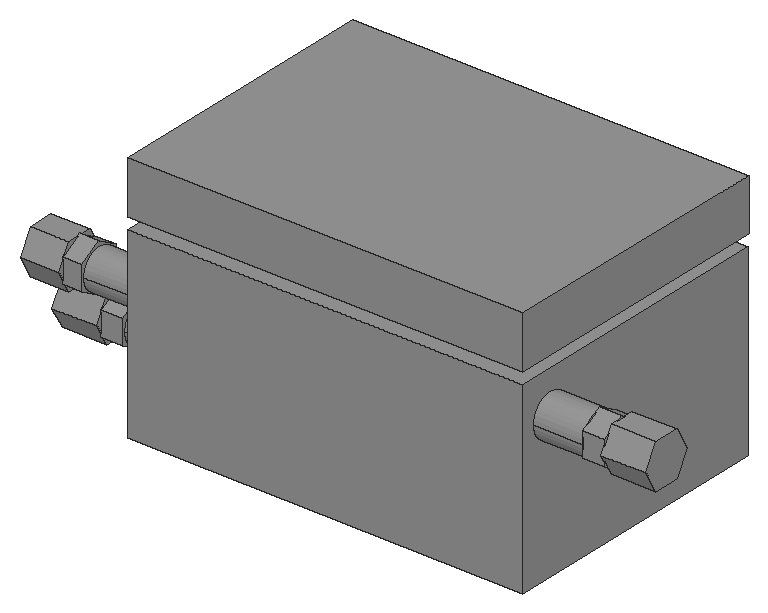
Revit family "BC_Hitachi_CH-BOX-CH-AP-SSX_LOD400", category Equipement de génie climatique, Revit 2015
Parameters (values of type "CH-AP160SSX")
  Refrigerant Gas Low Pressure Diameter = 19.05 mm
  Rated Frequency (Hz) = "50"
  Product Code = "60292158"
  Overall Width = 301.00 mm
  Overall Height = 191.00 mm
  Overall Depth = 214.00 mm
  Nominal Voltage = 230 V
  Model = "Single CH-Box"
  Material Box = Zinc
  Mass = 6.00 kg
  Gas Diameter = 15.88 mm
  Fabricant = "Hitachi"
  Description = "Single CH-Box"
  Commentaires du type = "CH-AP160SSX"
  CALC_Refrigerant Gas Right = 89.00 mm
  CALC_Refrigerant Gas Low Pressure Diameter = Refrigerant Gas Low Pressure Diameter + 15.00 mm / 2  # 26.55 mm
  CALC_Refrigerant Gas L Left = 250.00 mm
  CALC_Refrigerant Gas HL Left = 200.00 mm
  CALC_Refrigerant Gas Diameter = 30.88 mm
Types (2, lengths in mm): name | Product Code | Overall Depth | Material Box | Description | Commentaires du type | CALC_Refrigerant Gas Right
  CH-AP160SSX | "60292158" | 214.00 | Zinc | "Single CH-Box" | "CH-AP160SSX" | 89.00
  CH-AP280SSX | "60292159" | 180.00 | none | "Single CH-Box " | "CH-AP280SSX" | 96.00
Reference planes
  plane 1 "Centre (avant/arrière)": y = 0
  plane 2: z = 0
  plane 3 "Centre (gauche/droite)": x = 0
  plane 4 "Left": x = -150.5
  plane 5 "Front": y = -107
  plane 6 "Right": x = 150.5
  plane 7 "Back": y = 107
  plane 8: z = 191
  plane 9 "D": x = 239.5
  plane 10 "G1": x = -232.5
  plane 11 "G2": x = -239.5
  plane 12: y = -87
  plane 13: z = 94
  plane 14: y = -48
  plane 15: z = 40
  plane 16: y = -82
  plane 17: z = 111
  plane 18: z = 151
  plane 19: x = -188.5
  plane 20: x = 188.5
Forms (mm)
  Extrusion 1, solid, material "Zinc" <- "Material Box"
    sketch origin (0, 0, 0) x (1, 0, 0) y (0, 1, 0)
      loop
        line (-150.5, 107) -> (-150.5, -107) -> (150.5, -107) -> (150.5, 107) -> (-150.5, 107)
    from 0 to 151
  Extrusion 2, solid, material "Zinc" <- "Material Box"
    sketch origin (0, 0, 0) x (1, 0, 0) y (0, 1, 0)
      loop
        line (-150.5, 107) -> (-150.5, -107) -> (150.5, -107) -> (150.5, 107) -> (-150.5, 107)
    from 151 to 191
  Sweep 3, void
    path in 3D
      loop
        line (150.5, -107, 151) -> (-150.5, -107, 151) -> (-150.5, 107, 151) -> (150.5, 107, 151) -> (150.5, -107, 151)
    profile origin (150.5, 0, 151) x (-1, 0, 0) y (0, 0, -1)
      loop
        line (0, 0) -> (15, 0) -> (15, 8.704) -> (0, 8.704) -> (0, 0)
Cuts and joins
  Sweep 3 cuts Extrusion 1
  Sweep 3 cuts Extrusion 2
Lines and regions (mm)
  sketch lines
    curve 1: line (150.5, 107, 151) -> (150.5, -107, 151)
    curve 2: line (-150.5, 107, 151) -> (150.5, 107, 151)
    curve 3: line (-150.5, -107, 151) -> (-150.5, 107, 151)
    curve 4: line (150.5, -107, 151) -> (-150.5, -107, 151)
Dimensions and locks
  equal spacing: plane 4 "Left", plane 3 "Centre (gauche/droite)", plane 6 "Right"
  equal spacing: plane 5 "Front", plane 1 "Centre (avant/arrière)", plane 7 "Back"
  "Overall Width": plane 4 "Left" to plane 6 "Right"
  "Overall Depth": plane 5 "Front" to plane 7 "Back"
  "Overall Height": plane 8 to plane 2
  plane 12 to plane 5 "Front" = 20.00 mm
  plane 14 to plane 5 "Front" = 59.00 mm
  plane 13 to plane 2 = 94.00 mm
  plane 15 to plane 2 = 40.00 mm
  plane 18 to plane 2 = 151.00 mm
  plane 5 "Front" to plane 16 = 25.00 mm
  plane 17 to plane 2 = 111.00 mm
  "CALC_Refrigerant Gas Right": plane 6 "Right" to plane 9 "D"
  plane 10 "G1" to plane 4 "Left" = 82.00 mm
  plane 11 "G2" to plane 4 "Left" = 89.00 mm
  plane 19 to plane 4 "Left" = 38.00 mm
  plane 6 "Right" to plane 20 = 38.00 mm
  aligned and locked: level to plane 2
  aligned and locked: plane 18 to Extrusion 1
  aligned and locked: Extrusion 2 sketch curve to Extrusion 1  (x4)
  aligned and locked: Extrusion 2 to plane 18
  aligned and locked: plane 8 to Extrusion 2
  aligned and locked: nested 1 to plane 6 "Right"
  aligned and locked: nested 1 to plane 9 "D"
  aligned and locked: nested 1 to plane 16
  aligned and locked: plane 17 to nested 1
  aligned and locked: nested 2 to plane 12
  aligned and locked: nested 2 to plane 13
  aligned and locked: nested 3 to plane 14
  aligned and locked: nested 3 to plane 15
  aligned and locked: plane 10 "G1" to nested 2
  aligned and locked: nested 3 to plane 11 "G2"
Automatic sketch dimensions
  Extrusion 1 sketch curve to plane 4 "Left" = 0.00 mm
  Extrusion 1 sketch curve to plane 5 "Front" = 0.00 mm
  Extrusion 1 sketch curve to plane 6 "Right" = 0.00 mm
  plane 7 "Back" to Extrusion 1 sketch curve = 0.00 mm
  Sweep 3 sketch curve to profile plane = 0.00 mm  (x2)
  Sweep 3 sketch curve to profile plane = 15.00 mm
  profile plane to Sweep 3 sketch curve = 8.704 mm
Nested families
  nested 1: "PIPES_LOD400" at (150.5, -82, 111), type "PIPES_LOD400"
    with CALC_Screw TOP 2 89.00 mm, CALC_Screw TOP 1 34.00 mm, CALC_Screw Diam TOP 2 17.00 mm, CALC_Screw Diam TOP 25.00 mm, CALC_Screw Diam 16.00 mm, CALC_PipeDiam2 20.00 mm, CALC_PipeDiam1 32.00 mm, CALC_Pipe L2 130.00 mm, CALC_Pipe L1 38.00 mm
  nested 2: "PIPES_LOD400" at (-150.5, -87, 94) x (-1, 0, 0) z (0, 0, 1), type "PIPES_LOD400"
    with CALC_Screw TOP 2 82.00 mm, CALC_Screw TOP 1 29.333 mm, CALC_Screw Diam TOP 2 17.00 mm, CALC_Screw Diam TOP 25.00 mm, CALC_Screw Diam 16.00 mm, CALC_PipeDiam2 20.00 mm, CALC_PipeDiam1 30.00 mm, CALC_Pipe L2 130.00 mm, CALC_Pipe L1 38.00 mm
  nested 3: "PIPES_LOD400" at (-150.5, -48, 40) x (-1, 0, 0) z (0, 0, 1), type "PIPES_LOD400"
    with CALC_Screw TOP 2 89.00 mm, CALC_Screw TOP 1 34.00 mm, CALC_Screw Diam TOP 2 17.00 mm, CALC_Screw Diam TOP 25.00 mm, CALC_Screw Diam 16.00 mm, CALC_PipeDiam2 20.00 mm, CALC_PipeDiam1 30.00 mm, CALC_Pipe L2 130.00 mm, CALC_Pipe L1 38.00 mm
Connectors
  piping at (-239.5, -48, 40), diameter 15.88, driven by "Gas Diameter"
    settings: on nested 3, index 1, connector inside diameter 609.6 mm, connector length 0.00 mm, flow factor 0, pipe flow 0.0 L/s, pressure drop 0.0 Pa, fitting loss kfactor 0, connector angle 0.00°, fixture units 0, engagement length 0.00 mm, angle of deflection 0.00°, flow configuration 0, flow direction 0, fitting loss method 0, system type 22, joint type 0, gender type 0, connector reference index -1, connector utility 0, adjustable connector no, is connector primary yes, connector description ""
  piping at (-232.5, -87, 94), diameter 19.05, driven by "Refrigerant Gas Low Pressure Diameter"
    settings: on nested 2, index 2, connector inside diameter 609.6 mm, connector length 0.00 mm, flow factor 0, pipe flow 0.0 L/s, pressure drop 0.0 Pa, fitting loss kfactor 0, connector angle 0.00°, fixture units 0, engagement length 0.00 mm, angle of deflection 0.00°, flow configuration 0, flow direction 0, fitting loss method 0, system type 22, joint type 0, gender type 0, connector reference index -1, connector utility 0, adjustable connector no, is connector primary no, connector description ""
  piping at (239.5, -82, 111), diameter 15.88
    settings: on nested 1, index 4, connector inside diameter 609.6 mm, connector length 0.00 mm, flow factor 0, pipe flow 0.0 L/s, pressure drop 0.0 Pa, fitting loss kfactor 0, connector angle 0.00°, fixture units 0, engagement length 0.00 mm, angle of deflection 0.00°, flow configuration 0, flow direction 0, fitting loss method 0, system type 22, joint type 0, gender type 0, connector reference index -1, connector utility 0, adjustable connector no, is connector primary no, connector description ""
Definition of nested family "PIPES_LOD400"
  Parameters (values of type "PIPES_LOD400")
    Material Screw = none
    Material Pipes = none
    Default Elevation = 1219.20 mm
    CALC_Screw TOP 2 [instance] = 96.00 mm
    CALC_Screw TOP 1 [instance] = (CALC_Screw TOP 2 - CALC_Pipe L1) * 2 / 3  # 38.667 mm
    CALC_Screw Diam TOP 2 [instance] = 25.00 mm
    CALC_Screw Diam TOP [instance] = 21.651 mm
    CALC_Screw Diam [instance] = 15.00 mm
    CALC_PipeDiam2 [instance] = 20.00 mm
    CALC_PipeDiam1 [instance] = 30.00 mm
    CALC_Pipe L2 [instance] = 130.00 mm
    CALC_Pipe L1 [instance] = 38.00 mm
    CALC_Angle Screw = 120.00°
  Reference planes
    plane 1 "Centre (avant/arrière)": y = 0
    plane 2: z = 0
    plane 3 "Centre (gauche/droite)": x = 0
    plane 4: x = 38
    plane 5: x = 57.333
    plane 6: x = 96
  Forms (mm)
    Extrusion 1, solid, material <- "Material Pipes"
      sketch origin (0, 0, 0) x (0, 1, 0) y (0, 0, 1)
        loop
          circle (0, 0) r 15
      from 0 to 38
    Extrusion 2, solid, material <- "Material Screw"
      sketch origin (0, 0, 0) x (0, 1, 0) y (0, 0, 1)
        loop
          line (0, 17.321) -> (-15, 8.66) -> (-15, -8.66) -> (0, -17.321) -> (15, -8.66) -> (15, 8.66) -> (0, 17.321)
      from 38 to 57.333
    Extrusion 3, solid, material <- "Material Screw"
      sketch origin (0, 0, 0) x (0, 1, 0) y (0, 0, 1)
        loop
          line (28.868, 0) -> (14.434, 25) -> (-14.434, 25) -> (-28.868, 0) -> (-14.434, -25) -> (14.434, -25) -> (28.868, 0)
      from 57.333 to 96
  Dimensions and locks
    "CALC_Screw Diam": Extrusion 2 sketch curve to plane 1 "Centre (avant/arrière)"  (x5)
    "CALC_Screw Diam": plane 1 "Centre (avant/arrière)" to Extrusion 2 sketch curve
    "CALC_Screw Diam TOP 2": Extrusion 3 sketch curve to plane 1 "Centre (avant/arrière)"  (x5)
    "CALC_Screw Diam TOP 2": Extrusion 3 sketch curve to plane 2
    "CALC_Screw TOP 2": plane 3 "Centre (gauche/droite)" to plane 6
    "CALC_Pipe L1": plane 3 "Centre (gauche/droite)" to plane 4
    "CALC_Screw TOP 1": plane 5 to plane 6
    "CALC_PipeDiam1": diameter of Extrusion 1 sketch curve
    "CALC_Angle Screw": angle Extrusion 2 sketch curve to Extrusion 2 sketch curve  (x3)
    "CALC_Angle Screw": angle Extrusion 3 sketch curve to Extrusion 3 sketch curve  (x3)
    aligned and locked: level to plane 2
    aligned and locked: Extrusion 3 to plane 6
    aligned and locked: plane 5 to Extrusion 3
    aligned and locked: Extrusion 2 to plane 5
    aligned and locked: plane 4 to Extrusion 2
    aligned and locked: plane 4 to Extrusion 1
  Automatic sketch dimensions
    Extrusion 1 sketch curve to level = 0.00 mm
    Extrusion 1 sketch curve to plane 1 "Centre (avant/arrière)" = 0.00 mm
    Extrusion 2 sketch curve to plane 1 "Centre (avant/arrière)" = 0.00 mm
    Extrusion 3 sketch curve to level = 0.00 mm
